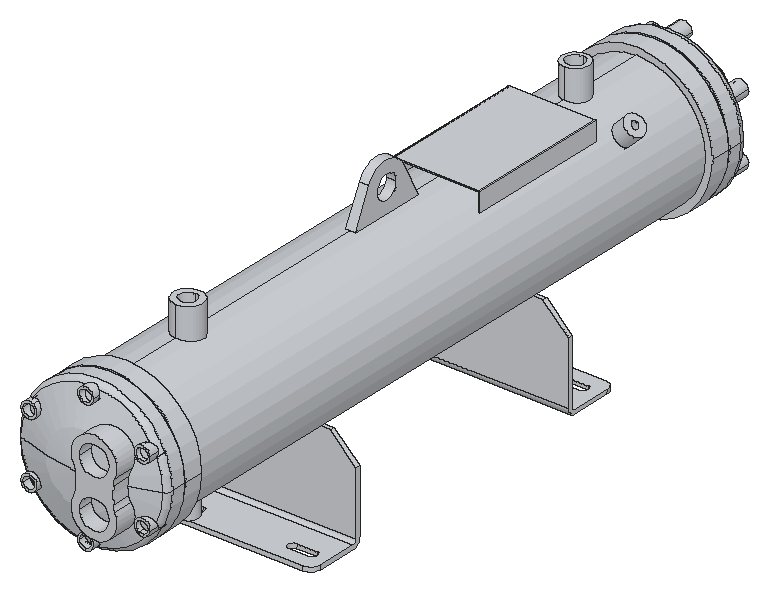
Revit family "MIT-BC_20_4P", category Specialty Equipment, Revit 2022
Family settings
  Round Connector Dimension = Use Radius
  Part Type = Normal
  Work Plane-Based = No
  Always vertical = Yes
  Cut with Voids When Loaded = No
  Maintain Annotation Orientation = No
  Shared = No
  Room Calculation Point = No
Parameters
  URL = "https://en.ekinendustriyel.com/expansion-tanks"
  Test Pressure = 15.0 bar
  Production Standard = "TS EN 13831"
  Precharge Pressure = 4.0 bar
  Operating Pressure = 10.0 bar
  Model = "MIT-6000-ET_(Vertical)"
  Manufacturer = "Ekin Endüstriyel"
  Keynote = "Expension Tank"
  Description = "MIT-Expension Tank"
  Default Elevation = 0 mm
Reference planes
  plane 1 "Center (Front/Back)": y = 0
  plane 2: z = 0
  plane 3 "Center (Left/Right)": x = 0
Forms (mm)
  Extrusion 1, solid
    sketch origin (0, 0, 0) x (1, 0, 0) y (0, 0, 1)
      loop
        circle (0, 149.85) r 69.85
    from -330 to 330
  Extrusion 2, solid, detail levels medium+fine
    sketch origin (0, 0, 0) x (1, 0, 0) y (0, 0, 1)
      loop
        circle (0, 149.85) r 77.5
    from 330 to 350
  Sweep 3, solid, detail levels medium+fine
    path in 3D
      loop
        arc (77.5, -350, 149.85) -> (0, -350, 72.35) -> (-77.5, -350, 149.85) r 77.5
        arc (-77.5, -350, 149.85) -> (0, -350, 227.35) -> (77.5, -350, 149.85) r 77.5
    profile origin (0, -350, 227.35) x (0, 0, 1) y (0, -1, 0)
      loop
        line (0, 2) -> (0, 17.156)
        arc (0, 17.156) -> (-1.136, 21.036) -> (-4.187, 23.69) r 7.192
        arc (-4.187, 23.69) -> (-39.787, 35.801) -> (-77.114, 40.359) r 182.498
        line (-77.114, 40.359) -> (-77.114, 2) -> (0, 2)
  Extrusion 4, solid, detail levels fine
    sketch origin (0, 0, 0) x (1, 0, 0) y (0, 0, 1)
      loop
        circle (25.011, 174.878) r 15.5
      loop
        circle (25.011, 124.878) r 15.5
      loop
        arc (46.408, 165.162) -> (25.011, 198.378) -> (3.614, 165.162) r 23.5
        arc (3.614, 165.162) -> (4.758, 162.032) -> (5.416, 158.766) r 22
        arc (5.416, 158.766) -> (5.963, 149.878) -> (5.416, 140.99) r 72.414
        arc (5.416, 140.99) -> (4.758, 137.724) -> (3.614, 134.594) r 22
        arc (3.614, 134.594) -> (25.011, 101.378) -> (46.408, 134.594) r 23.5
        arc (46.408, 134.594) -> (45.264, 137.724) -> (44.606, 140.99) r 22
        arc (44.606, 140.99) -> (44.059, 149.878) -> (44.606, 158.766) r 72.414
        arc (44.606, 158.766) -> (45.264, 162.032) -> (46.408, 165.162) r 22
    from 371.512 to 402.178
  Extrusion 5, solid, detail levels fine
    sketch origin (0, 0, 0) x (1, 0, 0) y (0, 0, 1)
      loop
        arc (64.65, 184.28) -> (61.135, 189.225) -> (55.08, 188.836) r 6.23
        arc (55.08, 188.836) -> (55.779, 177.975) -> (64.65, 184.28) r 6.23
      loop
        arc (53.996, 190.516) -> (54.919, 176.169) -> (66.638, 184.498) r 8.23
        arc (66.638, 184.498) -> (61.994, 191.031) -> (53.996, 190.516) r 8.23
      loop
        arc (-64.65, 115.42) -> (-61.135, 110.475) -> (-55.08, 110.864) r 6.23
        arc (-55.08, 110.864) -> (-55.779, 121.725) -> (-64.65, 115.42) r 6.23
      loop
        arc (-53.996, 109.184) -> (-54.919, 123.531) -> (-66.638, 115.202) r 8.23
        arc (-66.638, 115.202) -> (-61.994, 108.669) -> (-53.996, 109.184) r 8.23
      loop
        arc (-2.508, 223.053) -> (-3.532, 212.218) -> (6.222, 217.044) r 6.23
        arc (6.222, 217.044) -> (3.532, 222.482) -> (-2.508, 223.053) r 6.23
      loop
        arc (8.22, 216.945) -> (4.666, 224.129) -> (-3.313, 224.884) r 8.23
        arc (-3.313, 224.884) -> (-4.666, 210.571) -> (8.22, 216.945) r 8.23
      loop
        arc (2.508, 76.647) -> (3.532, 87.482) -> (-6.222, 82.656) r 6.23
        arc (-6.222, 82.656) -> (-3.532, 77.218) -> (2.508, 76.647) r 6.23
      loop
        arc (-8.22, 82.755) -> (-4.666, 75.571) -> (3.313, 74.816) r 8.23
        arc (3.313, 74.816) -> (4.666, 89.129) -> (-8.22, 82.755) r 8.23
      loop
        arc (-64.65, 184.28) -> (-55.779, 177.975) -> (-55.08, 188.836) r 6.23
        arc (-55.08, 188.836) -> (-61.135, 189.225) -> (-64.65, 184.28) r 6.23
      loop
        arc (-53.996, 190.516) -> (-61.994, 191.031) -> (-66.638, 184.498) r 8.23
        arc (-66.638, 184.498) -> (-54.919, 176.169) -> (-53.996, 190.516) r 8.23
      loop
        arc (64.65, 115.42) -> (55.779, 121.725) -> (55.08, 110.864) r 6.23
        arc (55.08, 110.864) -> (61.135, 110.475) -> (64.65, 115.42) r 6.23
      loop
        arc (53.996, 109.184) -> (61.994, 108.669) -> (66.638, 115.202) r 8.23
        arc (66.638, 115.202) -> (54.919, 123.531) -> (53.996, 109.184) r 8.23
    from 359.194 to 382
  Sweep 6, solid, detail levels medium+fine
    path in 3D
      loop
        arc (77.5, 350, 149.85) -> (0, 350, 72.35) -> (-77.5, 350, 149.85) r 77.5
        arc (-77.5, 350, 149.85) -> (0, 350, 227.35) -> (77.5, 350, 149.85) r 77.5
    profile origin (0, 350, 227.35) x (0, 0, -1) y (0, 1, 0)
      loop
        line (0, 2) -> (77.114, 2) -> (77.114, 40.359)
        arc (77.114, 40.359) -> (39.787, 35.801) -> (4.187, 23.69) r 182.498
        arc (4.187, 23.69) -> (1.136, 21.036) -> (0, 17.156) r 7.192
        line (0, 17.156) -> (0, 2)
  Extrusion 7, solid, detail levels fine
    sketch origin (0, 0, 0) x (1, 0, 0) y (0, 0, -1)
      loop
        arc (64.65, -184.28) -> (55.779, -177.975) -> (55.08, -188.836) r 6.23
        arc (55.08, -188.836) -> (61.135, -189.225) -> (64.65, -184.28) r 6.23
      loop
        arc (53.996, -190.516) -> (61.994, -191.031) -> (66.638, -184.498) r 8.23
        arc (66.638, -184.498) -> (54.919, -176.169) -> (53.996, -190.516) r 8.23
      loop
        arc (-64.65, -115.42) -> (-55.779, -121.725) -> (-55.08, -110.864) r 6.23
        arc (-55.08, -110.864) -> (-61.135, -110.475) -> (-64.65, -115.42) r 6.23
      loop
        arc (-53.996, -109.184) -> (-61.994, -108.669) -> (-66.638, -115.202) r 8.23
        arc (-66.638, -115.202) -> (-54.919, -123.531) -> (-53.996, -109.184) r 8.23
      loop
        arc (-2.508, -223.053) -> (3.532, -222.482) -> (6.222, -217.044) r 6.23
        arc (6.222, -217.044) -> (-3.532, -212.218) -> (-2.508, -223.053) r 6.23
      loop
        arc (8.22, -216.945) -> (-4.666, -210.571) -> (-3.313, -224.884) r 8.23
        arc (-3.313, -224.884) -> (4.666, -224.129) -> (8.22, -216.945) r 8.23
      loop
        arc (2.508, -76.647) -> (-3.532, -77.218) -> (-6.222, -82.656) r 6.23
        arc (-6.222, -82.656) -> (3.532, -87.482) -> (2.508, -76.647) r 6.23
      loop
        arc (-8.22, -82.755) -> (4.666, -89.129) -> (3.313, -74.816) r 8.23
        arc (3.313, -74.816) -> (-4.666, -75.571) -> (-8.22, -82.755) r 8.23
      loop
        arc (-64.65, -184.28) -> (-61.135, -189.225) -> (-55.08, -188.836) r 6.23
        arc (-55.08, -188.836) -> (-55.779, -177.975) -> (-64.65, -184.28) r 6.23
      loop
        arc (-53.996, -190.516) -> (-54.919, -176.169) -> (-66.638, -184.498) r 8.23
        arc (-66.638, -184.498) -> (-61.994, -191.031) -> (-53.996, -190.516) r 8.23
      loop
        arc (64.65, -115.42) -> (61.135, -110.475) -> (55.08, -110.864) r 6.23
        arc (55.08, -110.864) -> (55.779, -121.725) -> (64.65, -115.42) r 6.23
      loop
        arc (53.996, -109.184) -> (54.919, -123.531) -> (66.638, -115.202) r 8.23
        arc (66.638, -115.202) -> (61.994, -108.669) -> (53.996, -109.184) r 8.23
      loop
        circle (25, -174.85) r 22.5
      loop
        circle (-25, -124.85) r 22.5
      loop
        circle (-30, -201.812) r 11
      loop
        circle (30, -97.888) r 11
    from 359.194 to 390
  Extrusion 8, solid, detail levels fine
    sketch origin (0, 0, 0) x (1, 0, 0) y (0, 0, 1)
      loop
        line (-43.995, 204.104) -> (-43.995, 223.089) -> (43.995, 223.089) -> (43.995, 204.104) -> (44.978, 204.104) -> (44.978, 223.089)
        arc (44.978, 223.089) -> (44.685, 223.796) -> (43.978, 224.089) r 1
        line (43.978, 224.089) -> (-43.978, 224.089)
        arc (-43.978, 224.089) -> (-44.685, 223.796) -> (-44.978, 223.089) r 1
        line (-44.978, 223.089) -> (-44.978, 204.104) -> (-43.995, 204.104)
    from -220 to -70
  Extrusion 9, solid, detail levels fine
    sketch origin (0, 0, 0) x (0, 1, 0) y (0, 0, 1)
      loop
        arc (22.472, 255.476) -> (0, 269.521) -> (-22.472, 255.476) r 25
        line (-22.472, 255.476) -> (-40, 219.521) -> (40, 219.521) -> (22.472, 255.476)
      loop
        circle (0, 244.521) r 12.5
    from 5 to -5
  Extrusion 10, solid, detail levels fine
    sketch origin (0, 0, 0) x (1, 0, 0) y (0, 1, 0)
      loop
        circle (0, 250) r 13.75
      loop
        circle (0, 250) r 9.5
    from 207.811 to 250
  Extrusion 11, solid, detail levels fine
    sketch origin (0, -500, 0) x (1, 0, 0) y (0, 1, 0)
      loop
        circle (0, 250) r 15.25
      loop
        circle (0, 250) r 8.928
    from 207.811 to 250
  Extrusion 12, solid, detail levels fine
    sketch origin (0, -500, 0) x (1, 0, 0) y (0, 1, 0)
      loop
        circle (0, 250) r 10.75
      loop
        circle (0, 250) r 8.25
    from 50 to 99.961
  Extrusion 13, solid, detail levels medium+fine
    sketch origin (0, 0, 0) x (0, 1, 0) y (0, 0, 1)
      loop
        line (195, 4) -> (143, 4)
        arc (143, 4) -> (140.172, 5.172) -> (139, 8) r 4
        line (139, 8) -> (139, 100) -> (135, 100) -> (135, 8)
        arc (135, 8) -> (137.343, 2.343) -> (143, 0) r 8
        line (143, 0) -> (195, 0) -> (195, 4)
      loop
        line (-195, 4) -> (-195, 0) -> (-143, 0)
        arc (-143, 0) -> (-137.343, 2.343) -> (-135, 8) r 8
        line (-135, 8) -> (-135, 100) -> (-139, 100) -> (-139, 8)
        arc (-139, 8) -> (-140.172, 5.172) -> (-143, 4) r 4
        line (-143, 4) -> (-195, 4)
    from -85 to 85
  Extrusion 14, void
    sketch origin (0, 0, 0) x (1, 0, 0) y (0, 0, 1)
      loop
        line (-58.929, 100) -> (-48.929, 100)
        arc (-48.929, 100) -> (0, 80) -> (48.929, 100) r 69.85
        line (48.929, 100) -> (58.929, 100) -> (85, 73.929) -> (85, 115.135) -> (-85, 115.135) -> (-85, 73.929) -> (-58.929, 100)
    from -139 to 139
  Extrusion 15, void
    sketch origin (0, 0, 0) x (1, 0, 0) y (0, 1, 0)
      loop
        line (-48.5, 180.25) -> (-68.5, 180.25)
        arc (-68.5, 180.25) -> (-73.75, 175) -> (-68.5, 169.75) r 5.25
        line (-68.5, 169.75) -> (-48.5, 169.75)
        arc (-48.5, 169.75) -> (-43.25, 175) -> (-48.5, 180.25) r 5.25
      loop
        line (-75, 195) -> (75, 195)
        arc (75, 195) -> (82.071, 192.071) -> (85, 185) r 10
        line (85, 185) -> (97.624, 185) -> (97.624, 220) -> (-105, 220) -> (-105, 185) -> (-85, 185)
        arc (-85, 185) -> (-82.071, 192.071) -> (-75, 195) r 10
      loop
        line (68.5, 180.25) -> (48.5, 180.25)
        arc (48.5, 180.25) -> (43.25, 175) -> (48.5, 169.75) r 5.25
        line (48.5, 169.75) -> (68.5, 169.75)
        arc (68.5, 169.75) -> (73.75, 175) -> (68.5, 180.25) r 5.25
      loop
        arc (-48.5, -180.25) -> (-43.25, -175) -> (-48.5, -169.75) r 5.25
        line (-48.5, -169.75) -> (-68.5, -169.75)
        arc (-68.5, -169.75) -> (-73.75, -175) -> (-68.5, -180.25) r 5.25
        line (-68.5, -180.25) -> (-48.5, -180.25)
      loop
        arc (-75, -195) -> (-82.071, -192.071) -> (-85, -185) r 10
        line (-85, -185) -> (-105, -185) -> (-105, -220) -> (97.624, -220) -> (97.624, -185) -> (85, -185)
        arc (85, -185) -> (82.071, -192.071) -> (75, -195) r 10
        line (75, -195) -> (-75, -195)
      loop
        arc (68.5, -180.25) -> (73.75, -175) -> (68.5, -169.75) r 5.25
        line (68.5, -169.75) -> (48.5, -169.75)
        arc (48.5, -169.75) -> (43.25, -175) -> (48.5, -180.25) r 5.25
        line (48.5, -180.25) -> (68.5, -180.25)
    from 0 to 4
  Extrusion 16, solid, detail levels fine
    sketch origin (61.503, 250, 211.353) x (0, 1, 0) y (-0.707107, 0, 0.707107)
      loop
        circle (0, 0) r 11
      loop
        circle (0, 0) r 4.216
    from 0 to -34.178
  Extrusion 17, solid, detail levels medium+fine
    sketch origin (0, 0, 0) x (1, 0, 0) y (0, 0, -1)
      loop
        circle (0, -149.85) r 77.5
    from 330 to 350
  Extrusion 18, solid, detail levels coarse
    sketch origin (0, 0, 0) x (1, 0, 0) y (0, 0, 1)
      loop
        circle (0, 149.85) r 77.5
    from -390 to 390
  Extrusion 19, solid, detail levels coarse
    sketch origin (0, 0, 0) x (0, 1, 0) y (0, 0, 1)
      loop
        line (-135, 0) -> (-135, 100) -> (-139, 100) -> (-139, 4) -> (-195, 4) -> (-195, 0) -> (-135, 0)
      loop
        line (135, 0) -> (195, 0) -> (195, 4) -> (139, 4) -> (139, 100) -> (135, 100) -> (135, 0)
    from -85 to 85
Cuts and joins
  Extrusion 14, Extrusion 15 cuts Extrusion 13
Lines and regions (mm)
  sketch lines
    curve 1: arc (-77.5, -350, 149.85) -> (0, -350, 227.35) -> (77.5, -350, 149.85) r 77.5
    curve 2: arc (77.5, -350, 149.85) -> (0, -350, 72.35) -> (-77.5, -350, 149.85) r 77.5
    curve 3: arc (-77.5, 350, 149.85) -> (0, 350, 227.35) -> (77.5, 350, 149.85) r 77.5
    curve 4: arc (77.5, 350, 149.85) -> (0, 350, 72.35) -> (-77.5, 350, 149.85) r 77.5
Dimensions and locks
  aligned and locked: level to plane 2
Connectors
  piping at (25.011, -402.178, 174.878), diameter 25.4
    settings: on Extrusion 4, index 1, connector inside diameter 609.6 mm, connector length 0 mm, flow factor 0, pipe flow 0.0 L/s, pressure drop 0.0 Pa, fitting loss kfactor 0, connector angle 0.00°, fixture units 0, engagement length 0 mm, angle of deflection 0.00°, flow configuration 0, flow direction 1, fitting loss method 0, system type 7, joint type 0, gender type 0, connector reference index -1, connector utility 0, adjustable connector no, is connector primary yes, connector description ""
  piping at (25.011, -402.178, 124.878), diameter 25.4
    settings: on Extrusion 4, index 2, connector inside diameter 609.6 mm, connector length 0 mm, flow factor 0, pipe flow 0.0 L/s, pressure drop 0.0 Pa, fitting loss kfactor 0, connector angle 0.00°, fixture units 0, engagement length 0 mm, angle of deflection 0.00°, flow configuration 0, flow direction 2, fitting loss method 0, system type 7, joint type 0, gender type 0, connector reference index -1, connector utility 0, adjustable connector no, is connector primary no, connector description ""
  hvac at (0, 250, 250)
    settings: on Extrusion 10, index 3, duct flow 0.0 L/s, flow factor 0, pres drop 0.0 bar, loss coef 0, conn angle 0.00°, conn width 304.8 mm, conn height 304.8 mm, conn diameter 22 mm, duct sys type 3, conn prof type 0, flow config 0, flow direction 1, loss method 0, conn ref index -1, conn util no, is conn primary yes, conn desc ""
  hvac at (0, -250, 50)
    settings: on Extrusion 12, index 4, duct flow 0.0 L/s, flow factor 0, pres drop 0.0 bar, loss coef 0, conn angle 0.00°, conn width 304.8 mm, conn height 304.8 mm, conn diameter 16 mm, duct sys type 3, conn prof type 0, flow config 0, flow direction 2, loss method 0, conn ref index -1, conn util no, is conn primary no, conn desc ""
